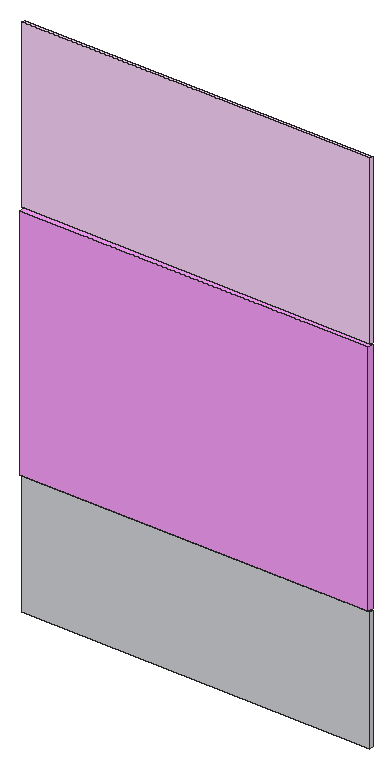
Revit family "EXP_WT-1A_CPan-010", category Curtain Panels, Revit 2021
Family settings
  OmniClass Number = 23.25.20.14.11.11.17
  OmniClass Title = Infill Panels
  Always vertical = Yes
  Cut with Voids When Loaded = No
  Shared = No
Parameters
  UI-UnitNumber [instance] = "01"
  UI-Quadrant [instance] = "SE"
  UI-ProjectAbbreviation = "NEU"
  UI-ItemCategory = "PID"
  UI-FloorNumber [instance] = "03"
  PNT-WallType = "WT1A"
  PNT-ProjectAbbreviation = "NEU"
  PNT-PanelType [instance] = "01"
  PNT-ItemCategory = "PNL"
  GlassSPH3 [instance] = 0' - 1 1/8"
  GlassSPH2(x3) [instance] = 0' - 2 3/16"
  GlassSPH1 [instance] = 0' - 1 1/8"
  GlassH3 [instance] = none
  GlassH2 [instance] = IG-3F(Glass)
  GlassH1 [instance] = IG-1F(Glass)
  Define Thermal Properties by = Schematic Type
  CellSp = 0' - 10 3/16"
  CellL [instance] = 12' - 6"
  CellH3 [instance] = CellH - (CellH1 + CellH2)  # 4' - 6"
  CellH2 = 8' - 5 1/2"
  CellH1 = 6' - 0 1/2"
  CellH [instance] = 19' - 0"
  Analytic Construction = "<None>"
Reference planes (in)
  plane 1 "Center (Front/Back)": y = 0
  plane 2: z = 0
  plane 3 "Center (Left/Right)": x = 0
  plane 4 "Left": x = -75
  plane 5 "Right": x = 75
  plane 6 "Top": z = 228
  plane 7: z = 155.5
  plane 8: y = -10.1875
  plane 9: z = 54
Forms (in)
  Extrusion 1, solid, material "IG-3F(Glass)" <- "GlassH2", detail levels coarse+medium
    sketch origin (0, 0, 0) x (0, 1, 0) y (0, 0, 1)
      loop
        line (-10.1875, 155.5) -> (-10.1875, 54) -> (0, 54) -> (0, 155.5) -> (-10.1875, 155.5)
    from -75 to 75
  Extrusion 2, solid, material "IG-1F(Glass)" <- "GlassH1", detail levels coarse+medium
    sketch origin (0, 0, 0) x (0, 1, 0) y (0, 0, 1)
      loop
        line (-10.1875, 228) -> (-10.1875, 155.5) -> (0, 155.5) -> (0, 228) -> (-10.1875, 228)
    from -75 to 75
  Extrusion 3, solid, material <- "GlassH3", detail levels coarse+medium
    sketch origin (0, 0, 0) x (1, 0, 0) y (0, 1, 0)
      loop
        line (-75, -10.1875) -> (75, -10.1875) -> (75, 0) -> (-75, 0) -> (-75, -10.1875)
    from 0 to 54
Text (in)
  text "Exterior" at (-92.59733, 55.75508, 0), in view "Ref. Level"
  text "Exterior" at (0, 90.18664, 173.49264), in view "Left"
  text "Exterior" at (0, 52.29083, 162.21847), in view "Right"
Dimensions and locks (in)
  equal spacing: plane 4 "Left", plane 3 "Center (Left/Right)", plane 5 "Right"  (x2)
  "CellH1": plane 7 to plane 6 "Top"
  Extrusion 2 sketch curve to Extrusion 2 sketch curve = 0' - 10 3/16"
  "CellL": plane 4 "Left" to plane 5 "Right"
  "CellH": plane 2 to plane 6 "Top"
  "CellSp": plane 8 to plane 1 "Center (Front/Back)"
  "CellH2": plane 9 to plane 7
  "CellH3": plane 2 to plane 9
  aligned and locked: level to plane 2
  aligned and locked: Extrusion 1 sketch curve to plane 7
  aligned and locked: plane 8 to Extrusion 1 sketch curve
  aligned and locked: plane 1 "Center (Front/Back)" to Extrusion 1 sketch curve
  aligned and locked: plane 6 "Top" to Extrusion 2 sketch curve
  aligned and locked: plane 8 to Extrusion 2 sketch curve
  aligned and locked: Extrusion 2 to plane 5 "Right"
  aligned and locked: plane 4 "Left" to Extrusion 2
  aligned and locked: Extrusion 2 to plane 1 "Center (Front/Back)"
  aligned and locked: nested 1 to plane 5 "Right"
  aligned and locked: nested 2 to Extrusion 2  (x2)
  aligned and locked: nested 2 to level
  aligned and locked: Extrusion 1 to plane 9
  aligned and locked: plane 4 "Left" to Extrusion 3 sketch curve
  aligned and locked: Extrusion 3 sketch curve to plane 1 "Center (Front/Back)"
  aligned and locked: Extrusion 3 sketch curve to plane 8
  aligned and locked: Extrusion 3 sketch curve to plane 5 "Right"
  aligned and locked: plane 9 to Extrusion 3
  aligned and locked: Extrusion 3 to level
  aligned and locked: Extrusion 1 to plane 5 "Right"
  aligned and locked: plane 4 "Left" to Extrusion 1
  aligned and locked: Extrusion 2 to plane 7
  aligned and locked: nested 1 to plane 4 "Left"
  aligned and locked: plane 1 "Center (Front/Back)" to nested 3
  aligned and locked: plane 5 "Right" to nested 3
  aligned and locked: plane 4 "Left" to nested 3
  aligned and locked: level to Extrusion 3
  aligned and locked: Extrusion 2 to plane 6 "Top"
  aligned and locked: plane 1 "Center (Front/Back)" to nested 4
  aligned and locked: plane 9 to nested 4
  aligned and locked: plane 2 to nested 4
  aligned and locked: plane 5 "Right" to nested 4
  aligned and locked: plane 4 "Left" to nested 4
  aligned and locked: plane 1 "Center (Front/Back)" to nested 5
  aligned and locked: plane 7 to nested 5
  aligned and locked: plane 9 to nested 5
  aligned and locked: plane 4 "Left" to nested 5
  aligned and locked: plane 5 "Right" to nested 5
  aligned and locked: plane 1 "Center (Front/Back)" to nested 6
  aligned and locked: nested 6 to plane 6 "Top"
  aligned and locked: plane 7 to nested 6
  aligned and locked: plane 4 "Left" to nested 6
  aligned and locked: plane 5 "Right" to nested 6
Automatic sketch dimensions
  Extrusion 2 sketch curve to plane 7 = 0' - 0"
  level to Extrusion 1 sketch curve = 4' - 6"
Nested families (in)
  nested 1: "EXP_WT-1A_DetO-001" at (-75, 0, 0), type "EXP_WT-1A_DetO-001"
    with built-in parameter 1001306 12.5 (stored number, unit not read)
  nested 2: "EXP_WT-1A_DetO-003" at (0, 0, 228) x (0, 0, -1) z (1, 0, 0), CellH1 <- "CellH1", CellH2 <- "CellH2", type "EXP_WT-1A_DetO-003"
    with built-in parameter 1001306 19 (stored number, unit not read), CellH2 8' - 5 1/2", CellH1 6' - 0 1/2", CellH 19' - 0"
  nested 3: "EXP_xx_DetO-002" at (0, 0, 0), CellH <- "CellH", CellL <- "CellL", type "EXP_xx_DetO-002", detail levels coarse
    with CellL 12' - 6", CellH 19' - 0"
  nested 4: "EXP_WT-1x_IG-001" at (0, 0, 27), MaterialGlass <- "GlassH3", GlassSP <- "GlassSPH3", type "GlassSP = H3", detail levels fine
    with MaterialGlass none, GlassSP 0' - 1 1/8", GlassL 12' - 4.12549", GlassH 4' - 4.06299", CellL 12' - 6", CellH 4' - 6"
  nested 5: "EXP_WT-1x_IG-001" at (0, 0, 104.75), MaterialGlass <- "GlassH2", GlassSP <- "GlassSPH2(x3)", type "GlassSP = H2(x3)", detail levels fine
    with MaterialGlass IG-3F(Glass), GlassSP 0' - 2 3/16", GlassL 12' - 4.12598", GlassH 8' - 4 3/4", CellL 12' - 6", CellH 8' - 5 1/2"
  nested 6: "EXP_WT-1x_IG-001" at (0, 0, 191.75), MaterialGlass <- "GlassH1", GlassSP <- "GlassSPH1", type "GlassSP = H1", detail levels fine
    with MaterialGlass IG-1F(Glass), GlassSP 0' - 1 1/8", GlassL 12' - 4.12549", GlassH 5' - 10 13/16", CellL 12' - 6", CellH 6' - 0 1/2"
Definition of nested family "EXP_WT-1x_IG-001"
  Parameters (values of type "H2 _ GlassSP = 1 1/4"")
    MaterialGlass [instance] = none
    GlassSP [instance] = 0' - 1 1/4"
    GlassL [instance] = CellL - (GlassD1 + GlassD3)  # 3' - 10.94439"
    GlassH [instance] = CellH - (GlassD2 + GlassD4)  # 6' - 6.64788"
    GlassD4 = 0' - 1.43701"
    GlassD3 = 0' - 0.93701"
    GlassD2 = 0' - 0 1/2"
    GlassD1 = 0' - 0 15/16"
    GMPI-ProjectAbbreviation = "NEU"
    GMPI-IteamCategory = "GLS"
    Default Elevation = 0' - 0"
    CellL [instance] = 4' - 0.8189"
    CellH [instance] = 6' - 8.58489"
  Types (12): name | GlassSP | GlassL | GlassH | GlassD4 | GlassD2 | GlassD1
    H2(x2) _ GlassSP = 2 1/8" | 0' - 2.12598" | 3' - 10.94488" | 6' - 6.64788" | 0' - 1.43701" | 0' - 0 1/2" | 0' - 0.93701"
    H1 _ GlassSP = 1 1/4" | 0' - 1 1/4" | 3' - 10.94439" | 6' - 6.89739" | 0' - 0 1/4" | 0' - 1 7/16" | 0' - 0 15/16"
    H2(x3) _ GlassSP = 2 1/8" | 0' - 2.12598" | 3' - 10.94488" | 6' - 7.83489" | 0' - 0 1/4" | 0' - 0 1/2" | 0' - 0.93701"
    H3 _ GlassSP = 1 1/4" | 0' - 1 1/4" | 3' - 10.94439" | 6' - 6.64788" | 0' - 1.43701" | 0' - 0 1/2" | 0' - 0 15/16"
    H _ GlassSP = 2 1/8" | 0' - 2.12598" | 3' - 10.94488" | 6' - 5.71088" | 0' - 1.43701" | 0' - 1.43701" | 0' - 0.93701"
    H _ GlassSP = 1 1/4" | 0' - 1 1/4" | 3' - 10.94439" | 6' - 5.71088" | 0' - 1.43701" | 0' - 1.43701" | 0' - 0 15/16"
    H2 _ GlassSP = 1 1/4" | 0' - 1 1/4" | 3' - 10.94439" | 6' - 6.64788" | 0' - 1.43701" | 0' - 0 1/2" | 0' - 0 15/16"
    GlassSP = H | 0' - 1 1/4" | 3' - 10.94439" | 6' - 5.71088" | 0' - 1.43701" | 0' - 1.43701" | 0' - 0 15/16"
    GlassSP = H3 | 0' - 1 1/4" | 3' - 10.94439" | 6' - 6.64788" | 0' - 1.43701" | 0' - 0 1/2" | 0' - 0 15/16"
    GlassSP = H2(x3) | 0' - 2.12598" | 3' - 10.94488" | 6' - 7.83489" | 0' - 0 1/4" | 0' - 0 1/2" | 0' - 0.93701"
    GlassSP = H2(x2) | 0' - 2.12598" | 3' - 10.94488" | 6' - 6.64788" | 0' - 1.43701" | 0' - 0 1/2" | 0' - 0.93701"
    GlassSP = H1 | 0' - 1 1/4" | 3' - 10.94439" | 6' - 6.89739" | 0' - 0 1/4" | 0' - 1 7/16" | 0' - 0 15/16"
  Reference planes (in)
    plane 1 "Center (Front/Back)": y = 0
    plane 2: z = 0
    plane 3 "Center (Left/Right)": x = 0
    plane 4: x = -24.40945
    plane 5: x = 24.40945
    plane 6: z = 40.29245
    plane 7: x = -23.47195
    plane 8: x = 23.47244
    plane 9: z = -40.29245
    plane 10: z = 39.79245
    plane 11: z = -38.85544
  Forms (in)
    Extrusion 1, solid, material <- "MaterialGlass"
      sketch origin (0, 0, 0) x (1, 0, 0) y (0, 0, 1)
        loop
          line (-23.47195, -38.85544) -> (23.47244, -38.85544) -> (23.47244, 39.79245) -> (-23.47195, 39.79245) -> (-23.47195, -38.85544)
      from 0 to 1.25 <- "GlassSP"
  Dimensions and locks (in)
    equal spacing: plane 6, level, plane 9
    "CellH": plane 6 to plane 9
    "GlassD2": plane 6 to plane 10
    "GlassD4": plane 11 to plane 9
    equal spacing: plane 4, plane 3 "Center (Left/Right)", plane 5
    "CellL": plane 4 to plane 5
    "GlassD1": plane 4 to plane 7
    "GlassD3": plane 5 to plane 8
    aligned and locked: level to plane 2
    aligned and locked: Extrusion 1 sketch curve to plane 11
    aligned and locked: Extrusion 1 sketch curve to plane 7
    aligned and locked: plane 10 to Extrusion 1 sketch curve
    aligned and locked: plane 8 to Extrusion 1 sketch curve
Definition of nested family "EXP_WT-1A_DetO-001"
  Parameters (values of type "EXP_WT-1A_DetO-001")
    built-in parameter 1001306 [instance] = 5' - 2.99213"
  Reference planes (in)
    plane 1 "Center (Front/Back)": y = 0
    plane 2: z = 0
    plane 3 "Left": x = 0
    plane 4 "Right": x = 62.99213
  Lines and regions (in)
    reference lines, in view "Ref. Level"
      curve 1: line (0, 0, 0) -> (62.99213, 0, 0)
    detail lines, in view "Ref. Level"
      curve 2: line (0.25, 0, 0) -> (0.5458, 0, 0)
      curve 3: line (0.25, 0, 0) -> (0.5458, 0, 0)
      curve 4: line (62.99213, -0.81795, 0) -> (62.99213, -10.1875, 0)
      curve 5: line (62.99213, -10.1875, 0) -> (60.99213, -10.1875, 0)
      curve 6: line (60.99213, -10.1875, 0) -> (60.99213, -2.43678, 0)
      curve 7: line (60.99213, -2.43678, 0) -> (62.44632, -2.43678, 0)
      curve 8: line (62.44632, -2.43678, 0) -> (62.44632, 0, 0)
      curve 9: line (62.44632, 0, 0) -> (62.74213, 0, 0)
      curve 10: line (62.74213, 0, 0) -> (62.74213, -0.81795, 0)
      curve 11: line (62.99213, -0.81795, 0) -> (62.74213, -0.81795, 0)
      curve 12: line (0.25, 0, 0) -> (0.25, -0.81795, 0)
      curve 13: line (0.25, 0, 0) -> (0.5458, 0, 0)
      curve 14: line (0, -0.81795, 0) -> (0.25, -0.81795, 0)
      curve 15: line (0, -0.81795, 0) -> (0, -10.1875, 0)
      curve 16: line (2, -10.1875, 0) -> (0, -10.1875, 0)
      curve 17: line (2, -2.43676, 0) -> (2, -10.1875, 0)
      curve 18: line (0.5458, -2.43676, 0) -> (2, -2.43676, 0)
      curve 19: line (0.5458, -2.43676, 0) -> (0.5458, 0, 0)
      curve 20: line (0.94241, 0, 0) -> (62.04971, 0, 0)
      curve 21: line (0.94241, -1.31, 0) -> (0.94241, 0, 0)
      curve 22: line (0.94241, -1.31, 0) -> (62.04971, -1.31, 0)
      curve 23: line (62.04971, -1.31, 0) -> (62.04971, 0, 0)
  Dimensions and locks (in)
    "built-in parameter 1001306": plane 3 "Left" to plane 4 "Right"
    aligned and locked: plane 1 "Center (Front/Back)" to curve 1
    aligned and locked: plane 3 "Left" to curve 1
    aligned and locked: plane 4 "Right" to curve 1
    aligned and locked: curve 4 to plane 4 "Right"
    aligned and locked: curve 1 to curve 13
    aligned and locked: curve 15 to plane 3 "Left"
    aligned and locked: curve 1 to curve 20
    aligned and locked: curve 5 to curve 16
  Automatic sketch dimensions
    plane 1 "Center (Front/Back)" to curve 9 = 0' - 0"
    curve 2 to curve 2 = 0' - 0.2958"
    curve 7 to plane 4 "Right" = 0' - 2"
    curve 9 to plane 4 "Right" = 0' - 0.5458"
    curve 10 to curve 4 = 0' - 0 1/4"
    plane 1 "Center (Front/Back)" to curve 4 = 0' - 0.81795"
    curve 7 to curve 10 = 0' - 1.61883"
    curve 5 to curve 7 = 0' - 7.75072"
    plane 1 "Center (Front/Back)" to curve 15 = 0' - 0.81795"
    plane 3 "Left" to curve 16 = 0' - 2"
    curve 17 to curve 12 = 0' - 1.61881"
    plane 3 "Left" to curve 20 = 0' - 0.94241"
    curve 23 to curve 10 = 0' - 0.69242"
    curve 23 to curve 10 = 0' - 0.49205"
    plane 3 "Left" to curve 14 = 0' - 0 1/4"
Definition of nested family "EXP_WT-1A_DetO-003"
  Parameters (values of type "EXP_WT-1A_DetO-003")
    built-in parameter 1001306 [instance] = 12' - 11"
    CellH2 [instance] = 9' - 8"
    CellH1 [instance] = 3' - 3"
    CellH [instance] = 12' - 11"
  Reference planes (in)
    plane 1 "Center (Front/Back)": y = 0
    plane 2: z = 0
    plane 3 "Left": x = 0
    plane 4 "Right": x = 155
    plane 5: x = 39
  Lines and regions (in)
    reference lines, in view "Ref. Level"
      curve 1: line (0, 0, 0) -> (155, 0, 0)
    detail lines, in view "Ref. Level"
      curve 2: line (37.25001, -10.1875, 0) -> (37.25001, -2.41263, 0)
      curve 3: line (37.25001, -2.41263, 0) -> (40.74999, -2.41263, 0)
      curve 4: line (40.74999, -2.41263, 0) -> (40.74999, -10.1875, 0)
      curve 5: line (40.74999, -10.1875, 0) -> (37.25001, -10.1875, 0)
      curve 6: line (39.27639, -2.185, 0) -> (39.27639, 0, 0)
      curve 7: line (39.27639, 0, 0) -> (153.80789, 0, 0)
      curve 8: line (153.80789, -2.185, 0) -> (39.27639, -2.185, 0)
      curve 9: line (38.52639, -1.31, 0) -> (38.52639, 0, 0)
      curve 10: line (38.52639, 0, 0) -> (1.19241, 0, 0)
      curve 11: line (38.52639, -1.31, 0) -> (1.19241, -1.31, 0)
      curve 12: line (0, -10.1875, 0) -> (2.125, -10.1875, 0)
      curve 13: line (0, -0.81812, 0) -> (0, -10.1875, 0)
      curve 14: line (0.5, 0, 0) -> (0.5, -0.81812, 0)
      curve 15: line (0.5, 0, 0) -> (0.7958, 0, 0)
      curve 16: line (0, -0.81812, 0) -> (0.5, -0.81812, 0)
      curve 17: line (0.7958, -2.43676, 0) -> (0.7958, 0, 0)
      curve 18: line (2.125, -2.43676, 0) -> (0.7958, -2.43676, 0)
      curve 19: line (2.125, -10.1875, 0) -> (2.125, -2.43676, 0)
      curve 20: line (1.19241, -1.31, 0) -> (1.19241, 0, 0)
      curve 21: line (155, 60, 0) -> (155, -10.1875, 0)
      curve 22: line (155, -10.1875, 0) -> (151.625, -10.1875, 0)
      curve 23: line (151.625, -10.1875, 0) -> (151.625, -2.43679, 0)
      curve 24: line (151.625, -2.43679, 0) -> (154.2042, -2.43679, 0)
      curve 25: line (154.2042, -2.43679, 0) -> (154.2042, 0, 0)
      curve 26: line (154.5, 0, 0) -> (154.5, -0.81812, 0)
      curve 27: line (154.2042, 0, 0) -> (154.5, 0, 0)
      curve 28: line (155, -0.81812, 0) -> (154.5, -0.81812, 0)
      curve 29: line (155, -0.81812, 0) -> (155, -10.1875, 0)
      curve 30: line (153.80789, -2.185, 0) -> (153.80789, 0, 0)
  Dimensions and locks (in)
    "built-in parameter 1001306": plane 3 "Left" to plane 4 "Right"
    "CellH": plane 3 "Left" to plane 4 "Right"
    "CellH2": plane 5 to plane 4 "Right"
    "CellH1": plane 3 "Left" to plane 5
    aligned and locked: plane 1 "Center (Front/Back)" to curve 1
    aligned and locked: plane 3 "Left" to curve 1
    aligned and locked: plane 4 "Right" to curve 1
    aligned and locked: curve 1 to curve 7
    aligned and locked: curve 10 to plane 1 "Center (Front/Back)"
    aligned and locked: curve 13 to plane 3 "Left"
    aligned and locked: curve 1 to curve 15
    aligned and locked: curve 21 to plane 4 "Right"
    aligned and locked: curve 29 to plane 4 "Right"
    aligned and locked: curve 5 to curve 12
    aligned and locked: curve 22 to curve 5
  Automatic sketch dimensions
    plane 5 to curve 3 = 0' - 1 3/4"
    plane 1 "Center (Front/Back)" to curve 3 = 0' - 2.41263"
    curve 5 to plane 5 = 0' - 1 3/4"
    plane 5 to curve 6 = 0' - 0.27639"
    curve 6 to curve 6 = 0' - 2.185"
    curve 9 to plane 5 = 0' - 0.47361"
    plane 1 "Center (Front/Back)" to curve 13 = 0' - 0.81812"
    plane 3 "Left" to curve 14 = 0' - 0 1/2"
    curve 14 to curve 17 = 0' - 0.2958"
    curve 17 to curve 18 = 0' - 1.3292"
    curve 18 to curve 14 = 0' - 1.61864"
    curve 14 to curve 20 = 0' - 0.69242"
    curve 20 to curve 14 = 0' - 0.49188"
    curve 21 to plane 1 "Center (Front/Back)" = 5' - 0"
    curve 24 to curve 24 = 0' - 2.5792"
    plane 1 "Center (Front/Back)" to curve 27 = 0' - 0"
    curve 25 to curve 26 = 0' - 0.2958"
    curve 28 to curve 28 = 0' - 0 1/2"
    curve 30 to curve 24 = 0' - 0.39631"
    curve 24 to curve 30 = 0' - 0.25179"
    plane 1 "Center (Front/Back)" to curve 26 = 0' - 0.81812"
    curve 22 to curve 24 = 0' - 7.75071"
Definition of nested family "EXP_xx_DetO-002"
  Parameters (values of type "EXP_xx_DetO-002")
    Default Elevation = 0' - 0"
    CellL [instance] = 5' - 4.56693"
    CellH [instance] = 5' - 2.99213"
  Reference planes (in)
    plane 1 "Center (Front/Back)": y = 0
    plane 2: z = 0
    plane 3 "Center (Left/Right)": x = 0
    plane 4: x = -32.28346
    plane 5: x = 32.28346
    plane 6: z = 62.99213
  Lines and regions (in)
    model lines
      curve 1: line (-32.28346, 0, 62.99213) -> (32.28346, 0, 0)
      curve 2: line (32.28346, 0, 62.99213) -> (-32.28346, 0, 0)
  Dimensions and locks (in)
    "CellH": plane 6 to level
    equal spacing: plane 4, plane 3 "Center (Left/Right)", plane 5
    "CellL": plane 4 to plane 5
    aligned and locked: level to plane 2
  Automatic sketch dimensions
    curve 2 to level = 0' - 0"
    plane 4 to curve 2 = 0' - 0"
    plane 4 to curve 1 = 0' - 0"
    plane 5 to curve 2 = 0' - 0"
    curve 1 to level = 0' - 0"
    plane 5 to curve 1 = 0' - 0"
    curve 2 to plane 6 = 0' - 0"
    curve 1 to plane 6 = 0' - 0"
